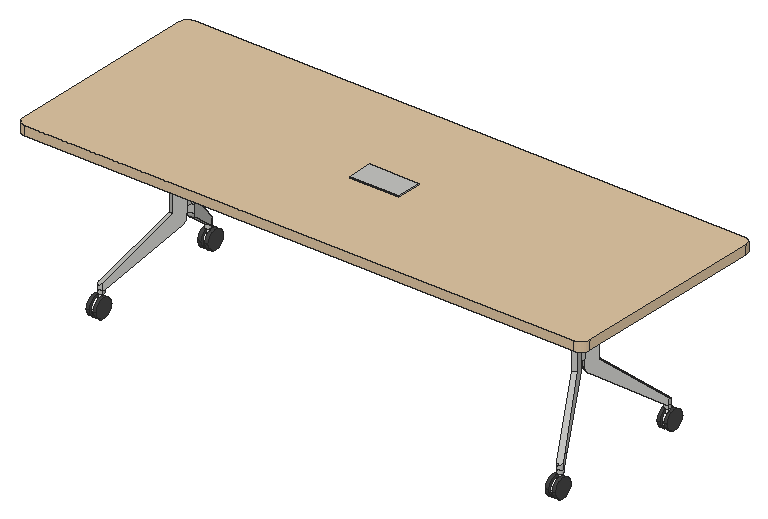
Revit family
Parameters (values of type "60" x 30"")
  Warranty = "www.haworth.com/en-us/Products/Pages/Certifications.aspx"
  URL - Product = "www.haworth.com/en-us/Products/Furniture/Tables/Informal-Conference/Pages/Planes.aspx"
  Table Finish = Haworth - Laminate - Maple H-AE
  Table Edge Finish = Haworth - Laminate - Maple H-AE
  Sustainability Info = "www.haworth.com/en-us/About-Us/Sustainability/Pages/Vision.aspx"
  Custom 36 = not(and(and(Depth = 36"), or(Width = 60", Width = 66", Width = 72", Width = 78", Width = 84", Width = 90", Width = 96")))  # no
  Squared Corners = not(Rounded Corners)  # no
  Rounded Corners = yes
  Opening Single Wide = no
  Opening Single = and(not(or(Opening Single Wide, Opening Double, Opening Double Wide)), or(Cutout, Flip Top))  # yes
  Opening Double Wide = no
  Opening Double = no
  Model = "Planes"
  Leg Finish = Haworth - Metallic Paint - Champagne
  LEED Data = "www.haworth.com/_layouts/Haworth.ProductCatalog/Handlers/GetAsset.ashx/PlanesLEEDContributions.pdf?cid=193&rid=1508&type=Leed"
  Glides = no
  Flip Top = yes
  Description = "Planes Rectangular Table"  # constant formula
  Cutout Width = if(Opening Single Wide, 11", if(Opening Double Wide, 11", 8"))  # 8"
  Cutout Depth = if(Opening Double, 7 3/4", if(Opening Double Wide, 7 3/4", 4"))  # 4"
  Cutout = no
  Width = 96"
  URL = "www.haworth.com"
  Table Thickness = 1 1/2"  # constant formula
  Support Spacing - From Edge = 15"  # constant formula
  Size = "Verify Final Dim. w/ Haworth"  # constant formula
  Revision Number = "3"  # constant formula
  Min/Max Width = "60-96 in. @ 6 in. increments"  # constant formula
  Min/Max Depth = "30 or 36 in."  # constant formula
  Min. Width = 60"  # constant formula
  Max. Width = 96"  # constant formula
  Min. Depth = 24"  # constant formula
  Max. Depth = 36"  # constant formula
  Manufacturer = "Haworth"  # constant formula
  Leg Height = Actual Height - Table Thickness  # 27 1/2"
  Depth = 36"
  Custom Size = and(Custom 30, Custom 36)  # no
  Custom 30 = not(and(and(Depth = 30"), or(Width = 60", Width = 66", Width = 72")))  # yes
  Casters = not(Glides)  # yes
  Author = "SHAPE Environments, LLC"  # constant formula
  Assembly Code = "E2020200"
  Actual Width = if(Width < Min. Width, Min. Width, if(Width > Max. Width, Max. Width, Width))  # 96"
  Actual Height = 29"  # constant formula
  Actual Depth = if(Depth > Max. Depth, Max. Depth, if(Depth < Min. Depth, Min. Depth, Depth))  # 36"
Reference planes (in)
  plane 1 "Center F/B": y = 0
  plane 2: z = 0
  plane 3 "Center L/R": x = 0
  plane 4 "Table Edge Left": x = -48
  plane 5 "Table Edge Right": x = 48
  plane 6 "Table Edge Front": y = 18
  plane 7 "Table Edge Back": y = -18
  plane 8 "Table Leg Left": x = -33
  plane 9 "Table Leg Right": x = 33
  plane 10 "Top": z = 29
Lines and regions (in)
  Masking region 1, visible <- "Cutout"
    outline origin (0, 0, 29) x (-1, 0, 0) y (0, -1, 0)
      loop
        line (4.03125, -2) -> (4.03125, 2) -> (-4.03125, 2) -> (-4.03125, -2) -> (4.03125, -2)
Dimensions and locks (in)
  "Support Spacing - From Edge": plane 4 "Table Edge Left" to plane 8 "Table Leg Left"
  "Support Spacing - From Edge": plane 9 "Table Leg Right" to plane 5 "Table Edge Right"
  "Actual Width": plane 4 "Table Edge Left" to plane 5 "Table Edge Right"
  equal spacing: plane 4 "Table Edge Left", plane 3 "Center L/R", plane 5 "Table Edge Right"
  "Actual Depth": plane 6 "Table Edge Front" to plane 7 "Table Edge Back"
  equal spacing: plane 6 "Table Edge Front", plane 1 "Center F/B", plane 7 "Table Edge Back"
  "Actual Height": plane 10 "Top" to level
  aligned: plane 9 "Table Leg Right" to nested 2
  aligned: plane 8 "Table Leg Left" to nested 1
  aligned and locked: plane 3 "Center L/R" to nested 3
  aligned and locked: plane 1 "Center F/B" to nested 3
  aligned and locked: plane 8 "Table Leg Left" to nested 1
  aligned and locked: plane 9 "Table Leg Right" to nested 2
  aligned and locked: nested 3 to nested 4
  aligned and locked: Masking region 1 sketch curve to nested 4  (x4)
Nested families (in)
  nested 1: "Haworth_Leg-Y" at (-33, 0, 0), type "Leg"
  nested 2: "Haworth_Leg-Y" at (33, 0, 0) x (-1, 0, 0) z (0, 0, 1), type "Leg"
  nested 3: "Haworth_Worksurface-Rectangular" at (0, -15, 0), type "Worksurface"
    with Squared Corners no, Rounded Corners yes, Actual Width 96", Actual Depth 36"
  nested 4: "Haworth-Flip Top" at (-0.57037, -0.05249, 0), visible <- "Flip Top", type "Flip Top"
    with Single Sided yes
Definition of nested family "Haworth_Leg-Y"
  Parameters (values of type "Leg")
    Leg Height = 27 1/2"
    Leg Finish = Haworth - Metallic Paint - Champagne
    Glides = no
    Casters = yes
    Assembly Code = ""
  Reference planes (in)
    plane 1 "Center (Front/Back)": y = 0
    plane 2: z = 0
    plane 3 "Center (Left/Right)": x = 0
    plane 4 "Top of Leg": z = 27.5
    plane 5 "Y Leg Stand": x = -5.875
    plane 6 "Left Y Leg": through (-0.17621, 0.60996, 48) normal (-0.8829, -0.4695, 0)
    plane 7 "Left Post": x = -0.5625
    plane 8 "Left Support": y = 11.32793
    plane 9: through (-0.17621, -0.60996, 48) normal (0.8829, -0.4695, 0)
    plane 10: y = -11.32793
  Forms (in)
    Extrusion 1, solid, material "Haworth - Metallic Paint - Champagne" <- "Leg Finish"
      sketch origin (-0.51599, 0, 0) x (1, 0, 0) y (0, 0, 1)
        loop
          line (0.28125, 13.625) -> (0.28125, 14.875) -> (-0.04651, 14.875) -> (-0.04651, 13.625) -> (0.28125, 13.625)
      from -1 to 1
    Extrusion 2, solid, material "Haworth - Metallic Paint - Champagne" <- "Leg Finish"
      sketch origin (-0.17621, 0.60996, 48) x (0.469468, -0.88295, 0) y (0, 0, -1)
        loop
          line (-2, 34.75027) -> (-2, 20.5) -> (0, 20.5) -> (0, 34.38219) -> (-0.09992, 35.81107)
          arc (-0.09992, 35.81107) -> (-0.23667, 36.25861) -> (-0.55568, 36.601) r 1.04081
          line (-0.55568, 36.601) -> (-11.7751, 43.96035) -> (-12.64299, 43.96035) -> (-12.64299, 43.40736) -> (-2, 34.75027)
      from -0.4375 to 0.4375
    Extrusion 3, void
      sketch origin (0.73566, 0.86334, 0) x (0.88295, 0.469468, 0) y (-0.469468, 0.88295, 0)
        loop
          arc (-1.36158, 12.3432) -> (-0.92408, 12.7807) -> (-0.48658, 12.3432) r 0.4375
          line (-0.48658, 12.3432) -> (-0.31134, 12.3432) -> (-0.31134, 12.89092) -> (-1.53683, 12.89092) -> (-1.53683, 12.3432) -> (-1.36158, 12.3432)
      from 3.22588 to 5.51592
    Revolve 4, solid, material "Haworth - Metallic Paint - Champagne" <- "Leg Finish", visible <- "Glides"
      sketch origin (-5.88448, -0.04176, 0) x (-0.000803, -1, 0) y (0, 0, 1)
        loop
          line (-11.36969, 3.4375) -> (-11.36969, 0) -> (-10.36969, 0) -> (-10.36969, 0.1875) -> (-10.93219, 0.1875) -> (-10.93219, 3.4375) -> (-11.36969, 3.4375)
        axis (-11.36969, 3.4375) -> (-11.36969, 0)
      angle from 0 to 360
    Extrusion 5, solid, material "Haworth - Metallic Paint - Champagne" <- "Leg Finish"
      sketch origin (0.73566, 0.86334, 0) x (0.88295, 0.469468, 0) y (-0.469468, 0.88295, 0)
        loop
          circle (-0.92408, 12.3432) r 0.4375
      from 3.4375 to 4.03965
    Extrusion 6, solid, material "Haworth - Metallic Paint - Champagne" <- "Leg Finish"
      sketch origin (-0.17621, -0.60996, 48) x (0.469468, 0.88295, 0) y (0, 0, 1)
        loop
          line (-2, -34.75027) -> (-12.64299, -43.40736) -> (-12.64299, -43.96035) -> (-11.7751, -43.96035) -> (-0.55568, -36.601)
          arc (-0.55568, -36.601) -> (-0.23667, -36.25861) -> (-0.09992, -35.81107) r 1.04081
          line (-0.09992, -35.81107) -> (0, -34.38219) -> (0, -20.5) -> (-2, -20.5) -> (-2, -34.75027)
      from -0.4375 to 0.4375
    Extrusion 7, void
      sketch origin (0.73566, -0.86334, 0) x (0.88295, -0.469468, 0) y (0.469468, 0.88295, 0)
        loop
          line (-1.36158, -12.3432) -> (-1.53683, -12.3432) -> (-1.53683, -12.89092) -> (-0.31134, -12.89092) -> (-0.31134, -12.3432) -> (-0.48658, -12.3432)
          arc (-0.48658, -12.3432) -> (-0.92408, -12.7807) -> (-1.36158, -12.3432) r 0.4375
      from 3.22588 to 5.51592
    Revolve 8, solid, material "Haworth - Metallic Paint - Champagne" <- "Leg Finish", visible <- "Glides"
      sketch origin (-5.88378, 0.04176, 0) x (-0.000803, 1, 0) y (0, 0, -1)
        loop
          line (-11.36969, -3.4375) -> (-10.93219, -3.4375) -> (-10.93219, -0.1875) -> (-10.36969, -0.1875) -> (-10.36969, 0) -> (-11.36969, 0) -> (-11.36969, -3.4375)
        axis (-11.36969, -3.4375) -> (-11.36969, 0)
      angle from 0 to 360
    Extrusion 9, solid, material "Haworth - Metallic Paint - Champagne" <- "Leg Finish"
      sketch origin (0.73566, -0.86334, 0) x (0.88295, -0.469468, 0) y (0.469468, 0.88295, 0)
        loop
          circle (-0.92408, -12.3432) r 0.4375
      from 3.4375 to 4.03965
  Cuts and joins
    Extrusion 3, Extrusion 7 cuts Extrusion 1
    Extrusion 3, Extrusion 7 cuts Extrusion 2
    Extrusion 7 cuts Extrusion 5
    Extrusion 7 cuts Extrusion 6
    Extrusion 7 cuts Extrusion 9
    joined: Extrusion 1, Extrusion 2, Extrusion 5, Extrusion 6, Extrusion 9
    Extrusion 7 cuts Revolve 4
    Extrusion 7 cuts Revolve 8
  Dimensions and locks (in)
    "Leg Height": plane 4 "Top of Leg" to level
    plane 5 "Y Leg Stand" to plane 3 "Center (Left/Right)" = 5 7/8"
    locked: plane 7 "Left Post" to plane 3 "Center (Left/Right)" at 0.5625
  Automatic sketch dimensions
    plane 7 "Left Post" to Extrusion 1 sketch curve = 0"
    Extrusion 1 sketch curve to plane 3 "Center (Left/Right)" = 0.23474"
    level to Extrusion 1 sketch curve = 13 5/8"
    Extrusion 1 sketch curve to Extrusion 1 sketch curve = 1 1/4"
    plane 4 "Top of Leg" to Extrusion 2 sketch curve = 0"
    Extrusion 2 sketch curve to level = 4.59264"
    Extrusion 2 sketch curve to level = 4.03965"
    Extrusion 2 sketch curve to Extrusion 2 sketch curve = 0.86789"
    Extrusion 2 sketch curve to Extrusion 2 sketch curve = 10.64299"
    Extrusion 2 sketch curve to Extrusion 2 sketch curve = 0.86181"
    Extrusion 2 sketch curve to level = 11.399"
    Extrusion 2 sketch curve to Extrusion 2 sketch curve = 0.58251"
    Extrusion 2 sketch curve to level = 12.18893"
    Extrusion 2 sketch curve to Extrusion 2 sketch curve = 0.45577"
    Extrusion 2 sketch curve to Extrusion 2 sketch curve = 2"
    Extrusion 2 sketch curve to Extrusion 2 sketch curve = 0.98819"
    Extrusion 2 sketch curve to Extrusion 2 sketch curve = 1.42888"
    Extrusion 3 sketch curve to plane 5 "Y Leg Stand" = 0"
    Extrusion 3 sketch curve to plane 6 "Left Y Leg" = 0"
    Extrusion 3 sketch curve to plane 6 "Left Y Leg" = 7/16"
    Extrusion 3 sketch curve to Extrusion 3 sketch curve = 0.17524"  (x2)
    Extrusion 3 sketch curve to Extrusion 3 sketch curve = 0.54772"
    Revolve 4 sketch curve to level = 0"
    level to Revolve 4 sketch curve = 3.42885"
    Revolve 4 sketch curve to Revolve 4 sketch curve = 0"
    level to Revolve 4 sketch curve = 3/16"
    Revolve 4 sketch curve to Revolve 4 sketch curve = 7/16"
    Revolve 4 sketch curve to Revolve 4 sketch curve = 9/16"
    Revolve 4 sketch curve to level = 1.07115"
    Revolve 4 sketch curve to Revolve 4 sketch curve = 0.00865"
    Extrusion 5 sketch curve to plane 5 "Y Leg Stand" = 0"
    Extrusion 5 sketch curve to plane 6 "Left Y Leg" = 0"
    Extrusion 6 sketch curve to plane 4 "Top of Leg" = 0"
    level to Extrusion 6 sketch curve = 4.59264"
    level to Extrusion 6 sketch curve = 4.03965"
    Extrusion 6 sketch curve to Extrusion 6 sketch curve = 0.86789"
    Extrusion 6 sketch curve to Extrusion 6 sketch curve = 10.64299"
    Extrusion 6 sketch curve to Extrusion 6 sketch curve = 0.86181"
    level to Extrusion 6 sketch curve = 11.399"
    Extrusion 6 sketch curve to Extrusion 6 sketch curve = 0.58251"
    level to Extrusion 6 sketch curve = 12.18893"
    Extrusion 6 sketch curve to Extrusion 6 sketch curve = 0.45577"
    Extrusion 6 sketch curve to Extrusion 6 sketch curve = 2"
    Extrusion 6 sketch curve to Extrusion 6 sketch curve = 0.98819"
    Extrusion 6 sketch curve to Extrusion 6 sketch curve = 1.42888"
    Extrusion 7 sketch curve to plane 5 "Y Leg Stand" = 0"
    plane 9 to Extrusion 7 sketch curve = 0"
    plane 9 to Extrusion 7 sketch curve = 7/16"
    Extrusion 7 sketch curve to Extrusion 7 sketch curve = 0.17524"  (x2)
    Extrusion 7 sketch curve to Extrusion 7 sketch curve = 0.54772"
    Revolve 8 sketch curve to level = 0"
    level to Revolve 8 sketch curve = 3.42885"
    Revolve 8 sketch curve to Revolve 8 sketch curve = 0"
    level to Revolve 8 sketch curve = 3/16"
    Revolve 8 sketch curve to Revolve 8 sketch curve = 7/16"
    Revolve 8 sketch curve to Revolve 8 sketch curve = 9/16"
    Revolve 8 sketch curve to Revolve 8 sketch curve = 0.00865"
    Revolve 8 sketch curve to level = 1.07115"
    Extrusion 9 sketch curve to plane 5 "Y Leg Stand" = 0"
    plane 9 to Extrusion 9 sketch curve = 0"
    radius of Extrusion 5 sketch curve = 7/16"
    radius of Extrusion 9 sketch curve = 7/16"
  Nested families (in)
    nested 1: "Haworth_3in Caster" at (-5.875, 11.32793, 0), visible <- "Casters", type "Haworth_3in Caster"
    nested 2: "Haworth_3in Caster" at (-5.875, -11.32793, 0), visible <- "Casters", type "Haworth_3in Caster"
  Definition of nested family "Haworth_3in Caster"
    Parameters (values of type "Haworth_3in Caster")
      Assembly Code = ""
    Reference planes (in)
      plane 1 "Center (Front/Back)": y = 0
      plane 2: z = 0
      plane 3 "Center (Left/Right)": x = 0
    Forms (in)
      Extrusion 1, solid, material "Haworth - Plastic - Black"
        sketch origin (0, 0, -0.02118) x (0, 1, 0) y (0, 0, 1)
          loop
            circle (-0.48695, 1.58368) r 1.5625
        from 0.875 to 0.3125
      Extrusion 2, solid, material "Haworth - Plastic - Black"
        sketch origin (0, 0, -0.02118) x (0, 1, 0) y (0, 0, 1)
          loop
            circle (-0.48695, 1.58368) r 1.5625
        from -0.875 to -0.3125
      Extrusion 3, solid, material "Haworth - Metal - Chrome"
        sketch origin (0, 0, 0) x (0, 1, 0) y (0, 0, 1)
          loop
            circle (-0.48695, 1.5625) r 1.3125
        from -0.3125 to 0.3125
      Extrusion 4, solid, material "Haworth - Metal - Chrome"
        sketch origin (0, 0, 0) x (1, 0, 0) y (0, 1, 0)
          loop
            circle (0, 0) r 0.25
        from 2.4375 to 3.4375
    Cuts and joins
      joined: Extrusion 3, Extrusion 4
    Dimensions and locks (in)
      plane 3 "Center (Left/Right)" to Extrusion 2 = 5/16"
      Extrusion 1 to plane 3 "Center (Left/Right)" = 7/8"
Definition of nested family "Haworth_Worksurface-Rectangular"
  Parameters (values of type "Worksurface")
    Width = 0"
    Warranty = ""
    URL - Product = ""
    URL = "www.haworth.com"
    Table Thickness = 1 1/2"
    Table Finish = Haworth - Laminate - Maple H-AE
    Table Edge Finish = Haworth - Laminate - Maple H-AE
    Sustainability Info = ""
    Squared Corners = yes
    Size = "Verify Final Dim. w/ Haworth"  # constant formula
    Rounded Corners = no
    Revision Number = ""
    OmniClass Number = ""
    Min/Max Width = ""
    Min/Max Height = ""
    Material Options = ""
    Manufacturer = "Haworth"  # constant formula
    LEED Data = ""
    Height = 0"
    Cutout Width = 8"
    Cutout Dimension = if(Cutout, 3", 1")  # 1"
    Cutout Depth = 4"
    Cutout = no
    Author = "SHAPE Environments, LLC"  # constant formula
    Assembly Code = ""
    Actual Width = 60"
    Actual Height = 29"
    Actual Depth = 30"
  Reference planes (in)
    plane 1 "Center F/B": y = 15
    plane 2: z = 0
    plane 3 "Center L/R": x = 0
    plane 4 "Table Front": y = 30
    plane 5 "Table Right": x = 30
    plane 6 "Table Left": x = -30
    plane 7 "Table Back": y = 0
    plane 8 "Table Top": z = 29
    plane 9 "Table Bottom": z = 27.5
    plane 10 "Cutout Top": z = 30
    plane 11 "Cutout Bottom": z = 29
  Forms (in)
    Extrusion 1, solid, material "Haworth - Laminate - Maple H-AE" <- "Table Finish", visible <- "Squared Corners"
      sketch origin (0, 0, 0) x (1, 0, 0) y (0, 1, 0)
        loop
          line (-30, 30) -> (-30, 0) -> (30, 0) -> (30, 30) -> (-30, 30)
      from 27.5 to 29
    Extrusion 2, solid, material "Haworth - Laminate - Maple H-AE" <- "Table Finish", visible <- "Rounded Corners"
      sketch origin (0, 0, 0) x (1, 0, 0) y (0, 1, 0)
        loop
          arc (-28.5, 30) -> (-29.56066, 29.56066) -> (-30, 28.5) r 1.5
          line (-30, 28.5) -> (-30, 1.5)
          arc (-30, 1.5) -> (-29.56066, 0.43934) -> (-28.5, 0) r 1.5
          line (-28.5, 0) -> (28.5, 0)
          arc (28.5, 0) -> (29.56066, 0.43934) -> (30, 1.5) r 1.5
          line (30, 1.5) -> (30, 28.5)
          arc (30, 28.5) -> (29.56066, 29.56066) -> (28.5, 30) r 1.5
          line (28.5, 30) -> (-28.5, 30)
      from 27.5 to 29
    Extrusion 3, void
      sketch origin (0, 0, 29) x (-1, 0, 0) y (0, -1, 0)
        loop
          line (4, -17) -> (4, -13) -> (-4, -13) -> (-4, -17) -> (4, -17)
      from 0 to 1
  Cuts and joins
    Extrusion 3 cuts Extrusion 2
    Extrusion 3 cuts Extrusion 1
  Lines and regions (in)
    Masking region 1, visible <- "Squared Corners"
      outline origin (0, 0, 0) x (1, 0, 0) y (0, 1, 0)
        loop
          line (-30, 30) -> (-30, 0) -> (30, 0) -> (30, 30) -> (-30, 30)
    Masking region 2, visible <- "Rounded Corners"
      outline origin (0, 0, 0) x (1, 0, 0) y (0, 1, 0)
        loop
          arc (-28.5, 30) -> (-29.56066, 29.56066) -> (-30, 28.5) r 1.5
          line (-30, 28.5) -> (-30, 1.5)
          arc (-30, 1.5) -> (-29.56066, 0.43934) -> (-28.5, 0) r 1.5
          line (-28.5, 0) -> (28.5, 0)
          arc (28.5, 0) -> (29.56066, 0.43934) -> (30, 1.5) r 1.5
          line (30, 1.5) -> (30, 28.5)
          arc (30, 28.5) -> (29.56066, 29.56066) -> (28.5, 30) r 1.5
          line (28.5, 30) -> (-28.5, 30)
    symbolic lines, style "Haworth", visible <- "Cutout"
      curve 1: line (-4, 17, 0) -> (-4, 13, 0)
      curve 2: line (-4, 13, 0) -> (4, 13, 0)
      curve 3: line (4, 13, 0) -> (4, 17, 0)
      curve 4: line (4, 17, 0) -> (-4, 17, 0)
  Dimensions and locks (in)
    "Actual Depth": plane 7 "Table Back" to plane 4 "Table Front"
    "Actual Width": plane 6 "Table Left" to plane 5 "Table Right"
    equal spacing: plane 6 "Table Left", plane 3 "Center L/R", plane 5 "Table Right"
    equal spacing: plane 4 "Table Front", plane 1 "Center F/B", plane 7 "Table Back"
    "Table Thickness": plane 8 "Table Top" to plane 9 "Table Bottom"
    "Actual Height": plane 8 "Table Top" to level
    equal spacing: Extrusion 3 sketch curve, plane 3 "Center L/R", Extrusion 3 sketch curve
    "Cutout Width": Extrusion 3 sketch curve to Extrusion 3 sketch curve
    equal spacing: Extrusion 3 sketch curve, plane 1 "Center F/B", Extrusion 3 sketch curve
    "Cutout Depth": Extrusion 3 sketch curve to Extrusion 3 sketch curve
    locked: plane 10 "Cutout Top" to plane 8 "Table Top" at 1
    "Cutout Dimension": plane 10 "Cutout Top" to plane 11 "Cutout Bottom"
    aligned and locked: plane 6 "Table Left" to Extrusion 1 sketch curve
    aligned and locked: Extrusion 1 sketch curve to plane 4 "Table Front"
    aligned and locked: plane 7 "Table Back" to Extrusion 1 sketch curve
    aligned and locked: plane 5 "Table Right" to Extrusion 1 sketch curve
    aligned and locked: plane 8 "Table Top" to Extrusion 1
    aligned and locked: Extrusion 1 to plane 9 "Table Bottom"
    aligned and locked: plane 6 "Table Left" to Extrusion 2 sketch curve
    aligned and locked: Extrusion 2 sketch curve to plane 7 "Table Back"
    aligned and locked: plane 5 "Table Right" to Extrusion 2 sketch curve
    aligned and locked: Extrusion 2 sketch curve to plane 4 "Table Front"
    aligned and locked: plane 8 "Table Top" to Extrusion 2
    aligned and locked: Extrusion 2 to plane 9 "Table Bottom"
    aligned and locked: plane 10 "Cutout Top" to Extrusion 3
    aligned and locked: Extrusion 3 to plane 11 "Cutout Bottom"
    aligned and locked: Masking region 1 sketch curve to plane 7 "Table Back"
    aligned and locked: plane 6 "Table Left" to Masking region 1 sketch curve
    aligned and locked: Masking region 1 sketch curve to plane 4 "Table Front"
    aligned and locked: plane 5 "Table Right" to Masking region 1 sketch curve
    aligned and locked: curve 1 to Extrusion 3
    aligned and locked: curve 2 to Extrusion 3
    aligned and locked: curve 3 to Extrusion 3
    aligned and locked: curve 4 to Extrusion 3
  Automatic sketch dimensions
    plane 6 "Table Left" to Extrusion 2 sketch curve = 1 1/2"
    Extrusion 2 sketch curve to Extrusion 2 sketch curve = 1 1/2"
    plane 5 "Table Right" to Extrusion 2 sketch curve = 1 1/2"  (x2)
    Masking region 2 sketch curve to plane 6 "Table Left" = 0"
    Masking region 2 sketch curve to plane 4 "Table Front" = 0"
    plane 7 "Table Back" to Masking region 2 sketch curve = 0"
    Masking region 2 sketch curve to plane 5 "Table Right" = 0"
    Masking region 2 sketch curve to Masking region 2 sketch curve = 1 1/2"
    plane 6 "Table Left" to Masking region 2 sketch curve = 1 1/2"
    plane 5 "Table Right" to Masking region 2 sketch curve = 1 1/2"  (x2)
Definition of nested family "Haworth-Flip Top"
  Parameters (values of type "Flip Top")
    Warranty = ""
    URL - Product = ""
    URL = ""
    Sustainability Info = ""
    Size = "Verify Final Dim. w/ Haworth"  # constant formula
    Single Sided = no
    Single Sided Wide = no
    Revision Number = ""
    OmniClass Number = ""
    Material Options = ""
    Manufacturer = "Haworth"  # constant formula
    LEED Data = ""
    Flip Top Finish = Haworth - Metallic Paint - Champagne
    Double Sided = no
    Double Sided Wide = no
    Author = "SHAPE Environments, LLC"  # constant formula
    Assembly Code = ""
    Actual Width = if(or(Double Sided Wide, Single Sided Wide), 11 1/4", 8 5/16")  # 8 5/16"
    Actual Height = 29"
    Actual Depth = if(or(Double Sided Wide, Double Sided), 8", 4 3/8")  # 4 3/8"
  Reference planes (in)
    plane 1 "Center F/B": y = 0.05249
    plane 2: z = 0
    plane 3 "Center L/R": x = 0.57037
    plane 4 "Back": y = 2.23999
    plane 5 "Right": x = 4.72662
    plane 6 "Front": y = -2.13501
    plane 7 "Left": x = -3.58588
    plane 8 "Table Height": z = 29
  Forms (in)
    Extrusion 1, solid, material "Haworth - Metallic Paint - Champagne" <- "Flip Top Finish"
      sketch origin (0, 0, 29) x (-1, 0, 0) y (0, -1, 0)
        loop
          line (3.58588, -2.23999) -> (3.58588, 2.13501) -> (-4.72662, 2.13501) -> (-4.72662, -2.23999) -> (3.58588, -2.23999)
      from 0 to 0.125
    Extrusion 2, solid, material "Haworth - Metallic Paint - Champagne" <- "Flip Top Finish"
      sketch origin (0, 0, 29) x (-1, 0, 0) y (0, -1, 0)
        loop
          line (3.46088, -2.05249) -> (3.46088, 1.94751) -> (-4.60162, 1.94751) -> (-4.60162, -2.05249) -> (3.46088, -2.05249)
      from 0 to -2.75
  Cuts and joins
    joined: Extrusion 1, Extrusion 2
  Lines and regions (in)
    symbolic lines, style "Haworth"
      curve 1: line (-3.58588, 2.23999, 29) -> (4.72662, 2.23999, 29)
      curve 2: line (-3.58588, -2.13501, 29) -> (-3.58588, 2.23999, 29)
      curve 3: line (4.72662, -2.13501, 29) -> (-3.58588, -2.13501, 29)
      curve 4: line (4.72662, 2.23999, 29) -> (4.72662, -2.13501, 29)
  Dimensions and locks (in)
    equal spacing: plane 7 "Left", plane 3 "Center L/R", plane 5 "Right"
    "Actual Width": plane 7 "Left" to plane 5 "Right"
    equal spacing: plane 6 "Front", plane 1 "Center F/B", plane 4 "Back"
    "Actual Depth": plane 4 "Back" to plane 6 "Front"
    plane 7 "Left" to Extrusion 2 sketch curve = 1/8"
    plane 4 "Back" to Extrusion 2 sketch curve = 3/16"
    Extrusion 2 sketch curve to plane 5 "Right" = 1/8"
    Extrusion 2 sketch curve to plane 6 "Front" = 3/16"
    "Actual Height": plane 8 "Table Height" to level
    aligned and locked: plane 7 "Left" to Extrusion 1 sketch curve
    aligned and locked: Extrusion 1 sketch curve to plane 4 "Back"
    aligned and locked: plane 6 "Front" to Extrusion 1 sketch curve
    aligned and locked: Extrusion 1 sketch curve to plane 5 "Right"
  Automatic sketch dimensions
    curve 4 to plane 5 "Right" = 0"
    curve 2 to plane 4 "Back" = 0"
    curve 2 to plane 7 "Left" = 0"
    curve 4 to plane 6 "Front" = 0"
